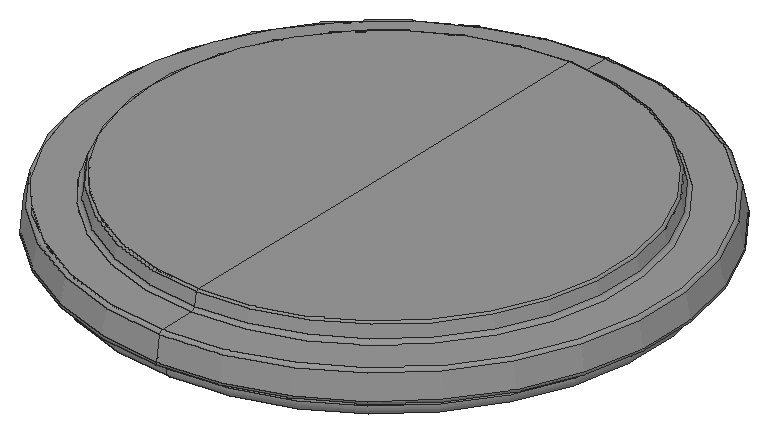
Revit family "FMK13_63_UN_Surface-mounted_ETK", category Lighting Fixtures, Revit 2017 (continued)
Definition of nested family "FMK.1 - Lightsource"
  Types (13, lengths in mm): name | Wattage Comments | Photometric Web File | built-in parameter 1150142 | Apparent Load
      \t396.567\t393.4076\t389.4614\t385.2324\t380.3628\r\n375.0971\t369.3074\t362.9584\t356.0822\t348.9057\t341.5547\t333.4658\t324.7233\t315.2043\t305.4599\r\n295.3979\t285.0138\t274.2949\t263.3441\t252.1436\t240.673\t229.1092\t216.7556\t203.6489\t190.6285\r\n177.6172\t164.6138\t151.9279\t138.069\t124.3573\t110.9691\t98.0454\t84.9215\t72.6465\t61.0698\r\n50.4112\t40.6936\t35.2704\t0\t0\t0\r\n405.3384\t404.7358\t403.6054\t401.6444\t399.3643\t396.5593\t393.314\t389.4309\t385.2102\t380.3495\r\n375.0755\t369.3024\t362.9627\t356.1346\t348.8119\t341.1533\t333.0509\t324.8191\t315.78\t306.215\r\n295.8199\t285.344\t274.4807\t263.3654\t252.0105\t240.3294\t228.4188\t216.2955\t204.1547\t190.9552\r\n177.6559\t164.3516\t151.1392\t138.0976\t124.9346\t111.112\t97.7813\t85.0908\t72.4995\t60.8236\r\n50.1998\t40.6227\t31.9768\t0\t0\t0\r\n405.3384\t404.7394\t403.6288\t401.6757\t399.3884\t396.5714\t393.3026\t389.3159\t385.1739\t380.3831\r\n375.0444\t369.2837\t362.956\t356.1295\t348.8706\t341.18\t332.9079\t324.3902\t315.4019\t306.3387\r\n296.4924\t286.1092\t274.9998\t263.7539\t252.2169\t240.3569\t228.2903\t215.9582\t203.4707\t190.8257\r\n178.1521\t164.6391\t151.0517\t137.6572\t124.4578\t111.6543\t98.0732\t84.9738\t72.5741\t60.6864\r\n50.0183\t40.4977\t31.9697\t4.8432\t0\t0\r\n405.3384\t404.7427\t403.6495\t401.7142\t399.4239\t396.6035\t393.3116\t389.2988\t385.0507\t380.3528\r\n375.0118\t369.216\t362.9424\t356.1024\t348.8405\t341.157\t332.9643\t324.4004\t315.2581\t305.8867\r\n296.1029\t285.938\t275.5954\t264.5683\t253.012\t240.8416\t228.6197\t216.12\t203.4137\t190.5511\r\n177.5394\t164.5113\t151.5042\t137.8415\t124.2858\t111.0124\t98.1587\t85.3964\t72.5721\t60.6586\r\n49.8431\t40.3398\t31.931\t24.5537\t0\t0\r\n405.3384\t404.7456\t403.6676\t401.9218\t399.4709\t396.6554\t393.3437\t389.317\t385.04\t380.243\r\n374.8993\t369.1788\t362.9127\t356.0814\t348.8285\t341.0552\t332.9667\t324.3861\t315.3329\t305.9127\r\n296.0531\t285.7481\t275.1336\t264.1996\t252.9355\t241.4903\t229.4495\t216.9446\t203.9312\t190.8555\r\n177.6361\t164.3347\t151.0106\t137.654\t124.597\t111.2218\t97.8665\t85.0744\t72.9905\t60.8587\r\n49.815\t40.1794\t31.9054\t24.5054\t0\t0\r\n405.3384\t404.7481\t403.6828\t401.9564\t399.6914\t396.7268\t393.4009\t389.3708\t385.0755\t380.2591\r\n374.9017\t369.0922\t362.8034\t355.9918\t348.805\t341.0277\t332.9542\t324.3714\t315.323\t305.9089\r\n296.0316\t285.7934\t275.1661\t264.1403\t252.8273\t241.0499\t229.0201\t216.7244\t204.2369\t191.596\r\n178.5079\t164.9396\t151.3939\t137.7973\t124.3337\t110.9506\t97.9162\t85.2011\t72.5165\t60.7879\r\n50.1751\t40.1846\t31.8501\t23.7681\t2.338\t0\r\n405.3384\t404.7502\t403.6952\t401.9835\t399.7343\t396.9809\t393.6545\t389.6213\t385.1579\t380.3298\r\n374.9735\t369.1608\t362.846\t356.0361\t348.7566\t340.9866\t332.8783\t324.3112\t315.2718\t305.9036\r\n296.0215\t285.8004\t275.1776\t264.1337\t252.8169\t241.0716\t228.9767\t216.6471\t204.0279\t191.1324\r\n178.1226\t164.8871\t151.6027\t138.2841\t125.113\t111.6596\t98.1698\t85.1028\t72.5249\t60.7088\r\n49.8427\t40.2477\t31.8931\t21.6048\t12.7168\t0\r\n405.3384\t404.7519\t403.7047\t402.0029\t399.7635\t397.03\t393.713\t389.7065\t385.4214\t380.5969\r\n375.2629\t369.475\t363.1447\t356.3663\t348.9144\t341.1566\t333.0078\t324.4526\t315.4033\t305.9527\r\n296.0665\t285.8226\t275.1844\t264.1482\t252.8009\t241.0835\t228.992\t216.6758\t204.0446\t191.1483\r\n178.0991\t164.8272\t151.446\t137.9974\t124.5467\t111.2577\t98.1105\t85.2503\t72.8411\t61.1518\r\n50.0901\t40.257\t31.8235\t18.932\t9.3489\t0\r\n405.3384\t404.7532\t403.7114\t402.0142\t399.7786\t397.0514\t393.739\t389.7475\t385.4637\t380.6413\r\n375.3272\t369.5568\t363.2361\t356.4824\t349.2137\t341.4886\t333.3185\t324.7975\t315.7614\t306.3155\r\n296.46\t286.2066\t275.5669\t264.5527\t253.1872\t241.5059\t229.4265\t217.1363\t204.5303\t191.6199\r\n178.5573\t165.3425\t151.9521\t138.4682\t125.0895\t111.6993\t98.5664\t85.5623\t73.0265\t61.1343\r\n50.1318\t40.4051\t31.9542\t21.7475\t6.5313\t5.115\r\n405.3384\t404.754\t403.7153\t402.0176\t399.7799\t397.0445\t393.7329\t389.7445\t385.4448\t380.6084\r\n375.2927\t369.5081\t363.1813\t356.4003\t348.9923\t341.2089\t333.0605\t324.4816\t315.4612\t305.9997\r\n296.1643\t285.8652\t275.2287\t264.2095\t252.8526\t241.1526\t229.101\t216.7417\t204.1781\t191.2242\r\n178.2221\t164.9153\t151.5534\t138.1498\t124.6539\t111.3162\t98.1603\t85.2342\t72.8561\t61.1128\r\n50.0588\t40.2091\t31.6937\t20.0166\t8.2012\t0\r\n405.3384\t404.7543\t403.7164\t402.013\t399.7671\t397.0096\t393.6945\t389.6977\t385.2046\t380.352\r\n375.0326\t369.2271\t362.9198\t356.1028\t348.9072\t341.0925\t332.98\t324.3798\t315.392\t305.9858\r\n296.2178\t285.8843\t275.26\t264.2624\t252.9154\t241.2093\t229.1994\t216.7906\t204.2527\t191.2919\r\n178.3227\t165.0516\t151.7425\t138.4595\t125.2028\t111.7417\t98.2552\t85.1615\t72.5973\t60.695\r\n49.8045\t40.1873\t31.7885\t21.7366\t11.2598\t0\r\n405.3384\t404.7542\t403.7146\t402.0006\t399.7406\t396.7678\t393.4611\t389.4878\t385.1447\t380.2959\r\n374.9894\t369.1909\t362.9156\t356.0932\t349.0203\t341.1855\t333.0998\t324.4896\t315.505\t306.0503\r\n296.2967\t285.9572\t275.331\t264.3672\t253.0197\t241.2839\t229.3045\t217.0032\t204.5011\t191.8693\r\n178.7706\t165.2052\t151.6675\t138.0714\t124.5282\t111.1465\t98.0318\t85.3325\t72.6503\t60.8256\r\n50.1888\t40.1684\t31.7403\t23.8387\t2.1341\t0\r\n405.3384\t404.7538\t403.7099\t401.9802\t399.5366\t396.7102\t393.425\t389.473\t385.1305\t380.2987\r\n375.0145\t369.3042\t363.0627\t356.2162\t349.106\t341.2551\t333.1682\t324.5601\t315.5632\t306.141\r\n296.3633\t286.0264\t275.4542\t264.555\t253.2624\t241.8449\t229.7806\t217.3072\t204.2808\t191.2288\r\n177.9866\t164.6878\t151.3619\t138.0114\t124.8764\t111.4955\t98.1121\t85.3017\t73.1816\t61.0006\r\n49.9354\t40.2492\t31.8581\t24.0616\t0\t0\r\n405.3384\t404.7529\t403.7024\t401.7855\t399.5057\t396.672\t393.4155\t389.4941\t385.1611\t380.4304\r\n375.1514\t369.3736\t363.1395\t356.2714\t349.1759\t341.3116\t333.2219\t324.6532\t315.5562\t306.2275\r\n296.4426\t286.3163\t276.0481\t265.0023\t253.4229\t241.2876\t229.0238\t216.5536\t203.8543\t191.005\r\n177.9846\t164.9422\t151.916\t138.291\t124.7136\t111.4068\t98.5597\t85.7613\t72.9154\t60.9832\r\n50.0561\t40.469\t32.0115\t24.4608\t0\t0\r\n405.3384\t404.7516\t403.6921\t401.7609\t399.4864\t396.6542\t393.4316\t389.5502\t385.2972\t380.4985\r\n375.2108\t369.4721\t363.1917\t356.3183\t349.193\t341.3957\t333.2365\t324.7362\t315.7989\t306.7788\r\n296.9084\t286.5675\t275.5271\t264.2722\t252.7027\t240.881\t228.7997\t216.5107\t204.0057\t191.4\r\n178.6746\t165.1736\t151.62\t138.2129\t125.0328\t112.2055\t98.6188\t85.54\t73.0956\t61.0986\r\n50.3019\t40.733\t32.2345\t4.8967\t0\t0\r\n405.3384\t404.75\t403.6788\t401.7433\t399.4783\t396.6572\t393.4722\t389.7044\t385.3553\t380.5675\r\n375.2574\t369.5435\t363.2413\t356.3845\t349.1744\t341.4877\t333.4438\t325.2596\t316.2784\t306.7217\r\n296.3214\t285.8791\t275.0611\t263.9604\t252.5538\t240.9175\t229.0191\t216.9459\t204.7661\t191.62\r\n178.311\t165.0395\t151.8279\t138.8308\t125.6546\t111.8365\t98.5513\t85.8398\t73.1455\t61.3695\r\n50.6583\t41.0273\t32.3467\t0\t0\t0\r\n405.3384\t404.7481\t403.4984\t401.7323\t399.4809\t396.6816\t393.6002\t389.7628\t385.3879\t380.6249\r\n375.3103\t369.6017\t363.2788\t356.4193\t349.3183\t342.0005\t333.9181\t325.234\t315.723\t306.0027\r\n295.9581\t285.6313\t274.9371\t264.0009\t252.7885\t241.3531\t229.8173\t217.4635\t204.4063\t191.4145\r\n178.427\t165.4423\t152.7479\t138.9494\t125.2565\t111.8804\t98.9846\t85.7966\t73.4077\t61.7586\r\n51.0678\t41.3029\t35.9314\t0\t0\t0\r\n405.3384\t404.7459\t403.4868\t401.7275\t399.4939\t396.8049\t393.6964\t389.8271\t385.4477\t380.6827\r\n375.3624\t369.5737\t363.2853\t356.625\t349.7894\t342.1135\t333.759\t324.599\t315.3556\t305.743\r\n295.8442\t285.6417\t275.1541\t264.3786\t253.3631\t242.055\t229.5599\t217.0052\t204.3824\t191.6906\r\n178.9998\t166.3228\t152.4157\t138.7896\t125.4113\t112.3666\t98.8823\t86.0884\t73.8385\t62.2076\r\n51.4507\t41.5049\t9.2672\t0\t0\t0\r\n405.3384\t404.7435\t403.478\t401.7288\t399.5168\t396.8915\t393.7354\t389.8846\t385.51\t380.7375\r\n375.3452\t369.6573\t363.4574\t357.1354\t349.7768\t341.6159\t333.1585\t324.3199\t315.1808\t305.7265\r\n295.9778\t285.8984\t275.6341\t265.1894\t253.7973\t241.5638\t229.4041\t217.1091\t204.7446\t192.3795\r\n179.7114\t165.8581\t152.3268\t139.0102\t125.9366\t112.2715\t99.1358\t86.5458\t74.2047\t62.612\r\n51.7507\t41.5902\t0\t0\t0\t0\r\n405.3384\t404.741\t403.4718\t401.7355\t399.6011\t396.9432\t393.7681\t389.932\t385.5756\t380.7897\r\n375.443\t369.7964\t363.9098\t357.1325\t349.266\t341.3026\t332.9179\t324.2017\t315.1981\t305.9037\r\n296.2962\t286.4176\t276.3927\t264.9598\t253.3075\t241.5117\t229.5688\t217.5503\t205.6807\t192.889\r\n179.2192\t165.8323\t152.6025\t139.6031\t125.8415\t112.4783\t99.6521\t86.8233\t74.5452\t62.9366\r\n51.9651\t45.2945\t0\t0\t0\t0\r\n405.3384\t404.7384\t403.468\t401.7035\t399.6374\t396.995\t393.7953\t389.976\t385.6432\t380.7904\r\n375.5949\t370.2269\t363.9316\t356.6257\t349.0084\t341.1154\t332.8331\t324.2647\t315.4008\t306.248\r\n296.8025\t287.1037\t276.0069\t264.7758\t253.2929\t241.7441\t230.0366\t218.4803\t205.6712\t192.4158\r\n179.2213\t166.1495\t153.2387\t139.4918\t125.9849\t112.9057\t99.9291\t87.1192\t74.8871\t63.2173\r\n52.1109\t27.9746\t0\t0\t0\t0\r\n405.3384\t404.7356\t403.4661\t401.721\t399.6762\t397.0462\t393.8176\t390.0145\t385.6532\t380.9042\r\n376.0431\t370.2884\t363.5098\t356.3413\t348.8597\t341.046\t332.9079\t324.5096\t315.7699\t306.7777\r\n297.4737\t286.6989\t275.8167\t264.7874\t253.5532\t242.2253\t231.0102\t218.411\t205.3993\t192.4497\r\n179.5316\t166.8\t153.159\t139.579\t126.3414\t113.3926\t100.1751\t87.4289\t75.1955\t63.4659\r\n52.2017\t0\t0\t0\t0\t0\r\n405.3384\t404.733\t403.4662\t401.7455\t399.7183\t397.0964\t393.8361\t390.0426\t385.7336\t381.0623\r\n376.1774\t370.1947\t363.2695\t356.1775\t348.8218\t341.077\t333.1051\t324.8433\t316.2831\t307.407\r\n297.0552\t286.507\t275.8559\t265.0142\t254.068\t243.1527\t230.9509\t218.1938\t205.4481\t192.7251\r\n180.2403\t166.8035\t153.224\t139.9046\t126.9133\t113.5219\t100.4126\t87.721\t75.5131\t63.7099\r\n57.0316\t0\t0\t0\t0\t0\r\n405.3384\t404.5716\t403.4386\t401.8549\t399.7644\t397.1477\t393.8153\t390.002\t385.8374\t381.4986\r\n376.1612\t369.7301\t363.0994\t356.1235\t348.8626\t341.2479\t333.4258\t325.2712\t316.9727\t307.0391\r\n296.8833\t286.5553\t276.0726\t265.4683\t254.9632\t243.4246\t230.701\t218.2156\t205.734\t193.2729\r\n180.506\t166.8251\t153.4668\t140.3769\t127.1788\t113.733\t100.6865\t88.0472\t75.8087\t63.919\r\n43.4528\t0\t0\t0\t0\t0\r\n405.3384\t404.5695\t403.4417\t401.8908\t399.8151\t397.1871\t393.8464\t390.0614\t385.9622\t381.6097\r\n376.0288\t369.5594\t362.993\t356.1449\t348.9704\t341.541\t333.8527\t326.0241\t316.6929\t306.8713\r\n296.8954\t286.7633\t276.4678\t266.0998\t255.327\t242.9729\t230.7031\t218.4384\t206.1859\t193.9199\r\n180.3346\t166.9807\t153.8693\t140.944\t127.3398\t114.0243\t101.0379\t88.3884\t76.1048\t64.1488\r\n6.9749\t0\t0\t0\t0\t0\r\n405.3384\t404.5686\t403.4473\t401.9294\t399.8708\t397.2314\t393.888\t390.1481\t386.3292\t381.6146\r\n375.6081\t369.4572\t362.9708\t356.227\t349.1889\t341.9177\t334.6149\t326.1454\t316.446\t306.8487\r\n297.0678\t287.1294\t277.0477\t266.8305\t254.9174\t242.9076\t230.8971\t218.8564\t206.9584\t193.7008\r\n180.4704\t167.3299\t154.3451\t141.0443\t127.5319\t114.3124\t101.4067\t88.7971\t76.469\t71.0786\r\n0\t0\t0\t0\t0\t0\r\n405.3384\t404.569\t403.4551\t401.9709\t399.9722\t397.2767\t393.8644\t390.2693\t386.4315\t381.5224\r\n375.4757\t369.3969\t363.0172\t356.385\t349.5164\t342.3709\t334.9069\t325.7199\t316.401\t306.979\r\n297.3492\t287.6224\t277.9395\t266.5253\t254.8042\t243.0641\t231.2325\t219.4481\t206.9163\t193.7663\r\n180.6898\t167.7888\t154.9305\t141.1807\t127.788\t114.6467\t101.7684\t89.1631\t76.8256\t62.9035\r\n0\t0\t0\t0\t0\t0\r\n405.3384\t404.5705\t403.4652\t402.0157\t400.0296\t397.3244\t393.9524\t390.3898\t386.4749\t381.113\r\n375.39\t369.382\t363.1266\t356.6158\t349.8921\t343.0771\t334.5968\t325.6122\t316.4672\t307.1637\r\n297.7815\t288.4949\t278.1045\t266.4097\t254.8889\t243.3295\t231.7654\t220.041\t206.912\t193.9248\r\n181.0884\t168.4498\t154.9864\t141.4211\t128.0925\t114.9955\t102.1644\t89.5728\t77.2034\t43.5306\r\n0\t0\t0\t0\t0\t0\r\n405.3384\t404.5732\t403.4775\t402.0644\t400.0795\t397.3766\t394.0366\t390.7644\t386.4775\t380.975\r\n375.3478\t369.4303\t363.2985\t356.906\t350.3047\t343.2698\t334.4485\t325.6355\t316.6363\t307.5138\r\n298.2746\t288.9228\t277.7118\t266.4225\t255.1174\t243.7588\t232.5514\t219.9024\t207.0118\t194.237\r\n181.5343\t168.8621\t155.1371\t141.6853\t128.4567\t115.4149\t102.6013\t89.9956\t77.5994\t6.1612\r\n0\t0\t0\t0\t0\t0\r\n405.3384\t404.605\t403.4921\t402.1706\t400.1256\t397.4349\t394.1374\t390.8498\t386.4029\t380.8564\r\n375.3437\t369.5284\t363.5073\t357.2499\t350.9824\t342.9428\t334.3995\t325.7395\t316.8926\t307.9367\r\n299.1107\t288.6921\t277.6635\t266.5801\t255.4385\t244.3047\t232.8477\t219.9489\t207.2573\t194.6292\r\n182.2468\t168.8709\t155.3197\t141.9922\t128.8173\t115.8454\t103.0693\t90.4482\t83.823\t0\r\n0\t0\t0\t0\t0\t0\r\n405.3384\t404.6092\t403.5089\t402.2202\t400.1649\t397.5054\t394.2569\t390.9141\t386.0396\t380.7981\r\n375.3806\t369.6687\t363.7508\t357.6622\t351.1724\t342.8014\t334.443\t325.8965\t317.2661\t308.4567\r\n299.4568\t288.5546\t277.7444\t266.8384\t255.8901\t245.0273\t232.652\t220.0806\t207.5676\t195.1229\r\n182.656\t169.0149\t155.5887\t142.3178\t129.2005\t116.2829\t103.5207\t90.9268\t73.3602\t0\r\n0\t0\t0\t0\t0\t0\r\n405.3384\t404.614\t403.5281\t402.2649\t400.1971\t397.5179\t394.3957\t390.9455\t385.9448\t380.7925\r\n375.4413\t369.8494\t364.0508\t358.3505\t351.161\t342.7657\t334.5401\t326.1385\t317.6475\t309.3183\r\n299.1891\t288.5712\t277.89\t267.2003\t256.4247\t245.3251\t232.6711\t220.2807\t207.9213\t195.8312\r\n182.7021\t169.2073\t155.8647\t142.6715\t129.6369\t116.7502\t103.9952\t91.3868\t55.3711\t0\r\n0\t0\t0\t0\t0\t0\r\n405.3384\t404.6195\t403.5495\t402.3045\t400.1849\t397.5978\t394.5611\t390.9396\t385.8781\t380.8033\r\n375.5216\t370.0613\t364.3857\t358.5968\t350.8049\t342.7895\t334.6808\t326.4772\t318.1163\t309.6303\r\n299.1657\t288.6692\t278.1592\t267.6065\t257.2226\t245.1417\t232.8538\t220.5787\t208.3699\t196.2276\r\n182.7779\t169.4445\t156.1917\t143.0507\t130.0526\t117.1893\t104.4737\t91.888\t14.9821\t0\r\n0\t0\t0\t0\t0\t0\r\n405.3384\t404.6254\t403.6469\t402.3383\t400.2215\t397.6657\t394.9951\t390.922\t385.84\t380.8256\r\n375.6462\t370.3021\t364.75\t358.7051\t350.7659\t342.8768\t334.8803\t326.8245\t318.9273\t309.6814\r\n299.1757\t288.8703\t278.4899\t268.1142\t257.5065\t245.2123\t233.0786\t220.9546\t208.9027\t196.5301\r\n182.9565\t169.6559\t156.4872\t143.4595\t130.5097\t117.6817\t104.9699\t100.108\t0.6502\t0\r\n0\t0\t0\t0\t0\t0\r\n405.3384\t404.6318\t403.6785\t402.3663\t400.2653\t397.732\t395.2235\t390.6501\t385.8302\t380.8791\r\n375.8045\t370.5591\t365.4\t358.3926\t350.7621\t343.0161\t335.1646\t327.2095\t319.3184\t309.3844\r\n299.2447\t289.0934\t278.9038\t268.8799\t257.3545\t245.3439\t233.3422\t221.3813\t209.5947\t196.4708\r\n183.1827\t169.9774\t156.8633\t143.857\t130.9408\t118.1517\t105.4613\t92.7841\t0\t0\r\n0\t0\t0\t0\t0\t0\r\n405.3384\t404.6385\t403.7052\t402.3881\t400.3166\t397.7952\t395.3429\t390.6457\t385.8372\t380.9677\r\n375.9682\t370.8385\t365.6602\t358.3552\t350.8047\t343.1988\t335.4588\t327.6657\t319.4853\t309.4034\r\n299.4263\t289.3714\t279.3274\t269.2917\t257.4272\t245.5406\t233.6779\t221.8454\t209.9683\t196.6268\r\n183.419\t170.2891\t157.2574\t144.3065\t131.442\t118.6656\t105.9935\t80.5222\t0\t0\r\n0\t0\t0\t0\t0\t0\r\n405.3384\t404.6457\t403.7326\t402.3665\t400.4161\t397.857\t395.396\t390.6723\t385.8834\t381.0767\r\n376.1402\t371.1325\t365.8072\t358.3418\t350.9131\t343.3865\t335.8213\t328.3888\t319.2622\t309.4538\r\n299.6286\t289.7446\t279.8181\t269.489\t257.5447\t245.7949\t234.0481\t222.3431\t210.2072\t196.8266\r\n183.6843\t170.6331\t157.653\t144.7457\t131.9283\t119.1863\t106.5168\t64.2232\t0\t0\r\n0\t0\t0\t0\t0\t0\r\n405.3384\t404.653\t403.7604\t402.3925\t400.4719\t397.9008\t395.3299\t390.7762\t385.9545\t381.2013\r\n376.3717\t371.4185\t365.8707\t358.3762\t351.0464\t343.6475\t336.1597\t328.7689\t319.2512\t309.5955\r\n299.8696\t290.1313\t280.5664\t269.3554\t257.7081\t246.0696\t234.4691\t223.0433\t210.1501\t197.0336\r\n183.9883\t170.9859\t158.0592\t145.1996\t132.404\t119.6892\t118.4422\t23.1728\t0\t0\r\n0\t0\t0\t0\t0\t0\r\n405.3384\t404.6607\t403.7887\t402.4189\t400.5194\t397.9841\t395.3017\t390.8021\t386.0595\t381.3509\r\n376.609\t372.0059\t365.5606\t358.4337\t351.2047\t343.9111\t336.5735\t328.9592\t319.3349\t309.7464\r\n300.1592\t290.5524\t280.9613\t269.4605\t257.9307\t246.4161\t234.914\t223.4171\t210.3211\t197.2897\r\n184.2922\t171.347\t158.483\t145.6681\t132.9075\t120.2165\t117.0674\t9.6552\t0\t0\r\n0\t0\t0\t0\t0\t0\r\n405.3384\t404.6686\t403.8173\t402.4487\t400.4786\t398.0829\t395.2688\t390.7871\t386.236\t381.5158\r\n376.8425\t372.2831\t365.5322\t358.5043\t351.3888\t344.1966\t336.967\t329.1152\t319.3903\t309.9762\r\n300.4823\t290.9786\t281.208\t269.6236\t258.201\t246.7695\t235.373\t223.7185\t210.5437\t197.5625\r\n184.62\t171.7433\t158.9199\t146.1384\t133.4045\t120.7201\t112.4944\t0\t0\t0\r\n0\t0\t0\t0\t0\t0\r\n405.3384\t404.6766\t403.8462\t402.4819\t400.4915\t398.4796\t395.2303\t390.7186\t386.3508\t381.7085\r\n377.0908\t372.472\t365.5842\t358.5935\t351.5911\t344.5067\t337.626\t328.8535\t319.5738\t310.1918\r\n300.8214\t291.4589\t281.3564\t269.774\t258.4546\t247.1517\t236.0692\t223.714\t210.7672\t197.8524\r\n184.9795\t172.1582\t159.3682\t146.6102\t133.9159\t121.2568\t105.4062\t0\t0\t0\r\n0\t0\t0\t0\t0\t0\r\n405.3384\t404.6848\t403.8753\t402.5301\t400.5307\t398.583\t395.2103\t390.7119\t386.3893\t381.9396\r\n377.3461\t372.6104\t365.6471\t358.7464\t351.8034\t344.8396\t337.9433\t328.9321\t319.7183\t310.4987\r\n301.2264\t292.1181\t281.2334\t270.0005\t258.7428\t247.5101\t236.4684\t223.8595\t211.0006\t198.1587\r\n185.3479\t172.5544\t159.8035\t147.094\t134.4184\t121.7849\t96.4328\t0\t0\t0\r\n0\t0\t0\t0\t0\t0\r\n405.3384\t404.6931\t403.9067\t402.5674\t400.5765\t398.6722\t394.9664\t390.7235\t386.4539\t382.113\r\n377.6242\t372.7081\t365.7225\t358.9132\t352.048\t345.1659\t338.1961\t329.0359\t319.9072\t310.7682\r\n301.6096\t292.51
      31\t281.4098\t270.2271\t259.073\t247.9351\t236.8476\t224.0483\t211.2287\t198.4476\r\n185.6936\t172.9579\t160.2642\t147.5784\t134.9349\t122.3252\t86.1454\t0\t0\t0\r\n0\t0\t0\t0\t0\t0\r\n405.3384\t404.7013\t403.9355\t402.6047\t400.6279\t398.7442\t394.9797\t390.7624\t386.5296\t382.2487\r\n377.8767\t372.7829\t365.8114\t359.0821\t352.3163\t345.4969\t338.3782\t329.1822\t320.1148\t311.0453\r\n301.9788\t292.7783\t281.6012\t270.5091\t259.4318\t248.3563\t237.1582\t224.2779\t211.525\t198.7849\r\n186.0555\t173.3757\t160.7092\t148.07\t135.4623\t122.8612\t75.0755\t0\t0\t0\r\n0\t0\t0\t0\t0\t0\r\n405.3384\t404.7096\t403.9642\t402.6417\t400.696\t398.8169\t394.9997\t390.8276\t386.6209\t382.4\r\n378.4045\t372.5543\t365.9079\t359.2494\t352.5682\t345.8699\t338.5647\t329.3189\t320.3594\t311.3938\r\n302.3891\t292.9835\t281.7699\t270.7837\t259.7753\t248.7659\t237.4402\t224.5309\t211.8182\t199.1223\r\n186.4527\t173.7952\t161.1646\t148.546\t135.9422\t136.5574\t36.2712\t0\t0\t0\r\n0\t0\t0\t0\t0\t0\r\n405.3384\t404.7178\t403.9929\t402.6782\t400.7519\t398.8854\t395.026\t390.892\t386.7324\t382.5558\r\n378.6203\t372.6325\t366.0305\t359.4259\t352.8102\t346.4602\t338.6937\t329.5211\t320.6143\t311.6861\r\n302.7765\t293.2351\t282.0305\t271.0823\t260.1226\t249.1874\t237.6911\t224.7942\t212.1326\t199.4867\r\n186.8497\t174.2259\t161.627\t149.0287\t136.4442\t136.3962\t26.9716\t0\t0\t0\r\n0\t0\t0\t0\t0\t0\r\n405.3384\t404.6914\t404.0217\t402.7091\t400.8043\t398.9593\t395.0594\t390.9615\t386.8432\t382.7092\r\n378.801\t372.7103\t366.1644\t359.6071\t353.0451\t346.7466\t338.5155\t329.6953\t320.856\t312.0088\r\n303.4086\t293.141\t282.2549\t271.3663\t260.4867\t249.8243\t237.7137\t225.078\t212.4489\t199.8329\r\n187.2298\t174.6407\t162.0656\t149.4977\t136.955\t135.4145\t19.5256\t0\t0\t0\r\n0\t0\t0\t0\t0\t0\r\n405.3384\t404.7005\t404.0507\t402.746\t400.8525\t399.0149\t395.1063\t391.0352\t386.9537\t382.8571\r\n378.9473\t372.7817\t366.3088\t359.7982\t353.2745\t346.9636\t338.607\t329.856\t321.0835\t312.3124\r\n303.7495\t293.3407\t282.511\t271.6734\t260.8498\t250.2149\t237.9693\t225.3524\t212.7549\t200.1806\r\n187.6084\t175.0519\t162.4906\t149.9475\t137.4166\t133.8797\t13.6311\t0\t0\t0\r\n0\t0\t0\t0\t0\t0\r\n405.3384\t404.7108\t404.0796\t402.7843\t400.8877\t399.06\t395.1456\t391.1188\t387.0668\t382.9967\r\n379.0731\t372.8602\t366.4344\t359.992\t353.5293\t347.231\t338.7751\t330.037\t321.3186\t312.5878\r\n304.0399\t293.5366\t282.7541\t271.985\t261.2033\t250.5727\t238.235\t225.6682\t213.1063\t200.5484\r\n187.9915\t175.44\t162.9051\t150.3796\t137.8499\t132.1112\t9.049\t0\t0\t0\r\n0\t0\t0\t0\t0\t0\r\n405.3384\t404.7219\t404.1089\t402.8238\t400.9307\t399.0883\t395.1801\t391.1927\t387.1857\t383.169\r\n379.2169\t372.9472\t366.5494\t360.1591\t353.7665\t347.4796\t338.9588\t330.2784\t321.6039\t312.9326\r\n304.37\t293.7905\t283.028\t272.2877\t261.5559\t250.9361\t238.5243\t225.9828\t213.451\t200.9164\r\n188.3884\t175.864\t163.3455\t150.8322\t138.3259\t130.4379\t5.5781\t0\t0\t0\r\n0\t0\t0\t0\t0\t0\r\n405.3384\t404.7342\t404.1351\t402.865\t400.9737\t399.12\t395.2037\t391.2563\t387.2891\t383.3216\r\n379.3873\t373.0758\t366.7069\t360.3353\t353.9603\t347.6673\t339.1189\t330.4846\t321.8502\t313.2065\r\n304.6365\t294.0074\t283.3053\t272.5923\t261.8888\t251.2466\t238.8042\t226.288\t213.7758\t201.2543\r\n188.7472\t176.2444\t163.7419\t151.2436\t138.7407\t128.9732\t3.0455\t0\t0\t0\r\n0\t0\t0\t0\t0\t0\r\n405.3384\t404.7473\t404.1652\t402.9077\t401.0164\t399.1498\t395.2384\t391.3183\t387.3793\t383.4461\r\n379.5207\t373.2102\t366.8716\t360.5312\t354.1897\t347.8811\t339.3172\t330.7163\t322.1136\t313.5188\r\n304.9383\t294.2817\t283.5867\t272.897\t262.2085\t251.5646\t239.0978\t226.5986\t214.1015\t201.6074\r\n189.1137\t176.6257\t164.1331\t151.6523\t139.1633\t127.9276\t1.3255\t0\t0\t0\r\n0\t0\t0\t0\t0\t0\r\n405.3384\t404.7615\t404.1956\t402.9517\t401.0448\t399.145\t395.2486\t391.3511\t387.4664\t383.5602\r\n379.6494\t373.3451\t367.0309\t360.7181\t354.3931\t348.0876\t339.524\t330.9519\t322.3792\t313.8076\r\n305.2448\t294.5755\t283.8944\t273.2262\t262.5489\t251.8832\t239.4077\t226.9344\t214.4518\t201.9798\r\n189.4978\t177.0255\t164.5446\t152.064\t139.5954\t127.4356\t0.3276\t0\t0\t0\r\n0\t0\t0\t0\t0\t0" | 12 VA
